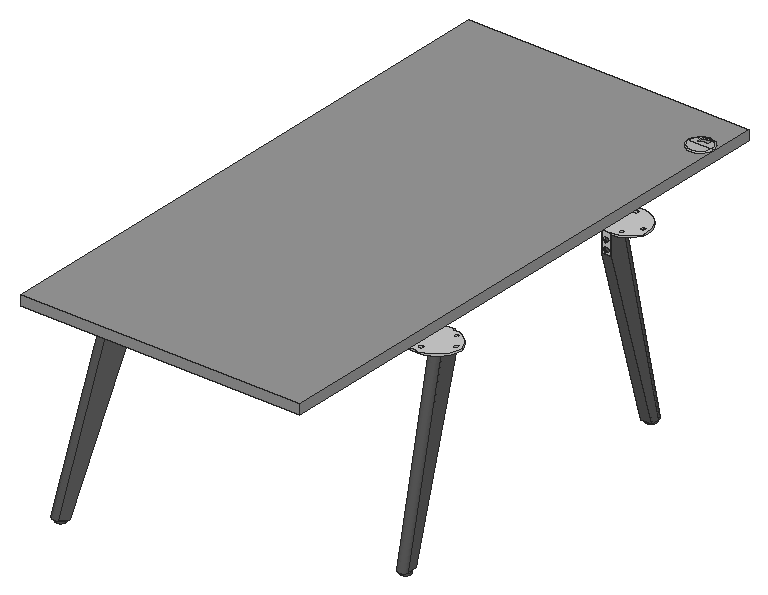
Revit family "Haworth_AWood_Bench_FixedLegs_StartExtension_EU_PRELIMINARY", category Furniture, Revit 2019
Family settings
  OmniClass Number = 23.40.70.14.64.11
  OmniClass Title = Office Furniture
  Work Plane-Based = No
  Always vertical = Yes
  Cut with Voids When Loaded = No
  Shared = No
  Room Calculation Point = No
Parameters (values of type "100 x 200")
  Worksurface Depth = "160, 180, 200cm"  # constant formula
  Worksurface Width = "80, 90, 100cm"  # constant formula
  Warranty = "http://www.haworth.com/resources/product-info/warranties"
  URL - Product = "https://www.haworth.com/eu/en/products/office-desks/a-wood.html?_br_psugg_q=awood"
  Type Comments = ""
  URL = "https://www.haworth.com/eu/en.html"
  Trim Finish = Haworth _ Metal _ Structured White EC
  Tray Depth = Actual Depth - 80 cm  # 120 cm
  Top Finish [instance] = Haworth _ Laminate _ Undecided _ Tables
  Small = no
  Size = "Verify Final Dim.w/ Haworth"  # constant formula
  Round Cable Outlet = yes
  Revision Number = "1"  # constant formula
  No Accessory Kit = not(or(Accessory Kit, Flip Top Cable Outlet, Round Cable Outlet))  # no
  Model = "AWB2LXXXX"  # constant formula
  Medium = not(or(Large, Small))  # no
  Manufacturer = "Haworth"  # constant formula
  Leg Height = Actual Height - 3.5 cm  # 69.5 cm
  Large = yes
  Flip Top Finish = Haworth _ Paint _ Metallic Silver
  Flip Top Cable Outlet = no
  Description = "Haworth - A_Wood - Bench - Fixed Legs - Start Extension"  # constant formula
  Base Finish [instance] = Haworth _ Paint _ Black
  Author = "Haworth (Abd Rahman)"  # constant formula
  Assembly Code = "E2020200"
  Actual Width = 100 cm
  Actual Height = 73 cm  # constant formula
  Actual Depth = if(Small, 160 cm, if(Medium, 180 cm, 200 cm))  # 200 cm
  Accessory Kit = yes
Types (9, lengths in cm): name | Tray Depth | Small | Round Cable Outlet | No Accessory Kit | Medium | Large | Flip Top Cable Outlet | Actual Width | Actual Depth | Accessory Kit
  80 x 160 | 80 | yes | no | yes | no | no | no | 80 | 160 | no
  90 x 160 | 80 | yes | no | yes | no | no | no | 90 | 160 | no
  100 x 160 | 80 | yes | no | yes | no | no | no | 100 | 160 | no
  80 x 180 | 100 | no | no | no | yes | no | yes | 80 | 180 | yes
  90 x 180 | 100 | no | yes | no | yes | no | no | 90 | 180 | yes
  100 x 180 | 100 | no | no | no | yes | no | yes | 100 | 180 | yes
  80 x 200 | 120 | no | yes | no | no | yes | no | 80 | 200 | yes
  90 x 200 | 120 | no | no | no | no | yes | yes | 90 | 200 | yes
  100 x 200 | 120 | no | yes | no | no | yes | no | 100 | 200 | yes
Reference planes (cm)
  plane 1 "Center F/B": y = 17.4526
  plane 2: z = 0
  plane 3 "Center L/R": x = 11.43
  plane 4 "Top": z = 73
  plane 5 "Left": x = -38.57
  plane 6 "Right": x = 61.43
  plane 7 "Back": y = 117.4526
  plane 8 "Front": y = -82.5474
  plane 9: y = 102.4526
  plane 10: y = -67.5474
  plane 11: z = 70.5
  plane 12: z = 69.5
  plane 13: x = -33.57
  plane 14: x = 56.43
  plane 15: y = 52.4526
  plane 16: y = -17.5474
Dimensions and locks (cm)
  "Actual Height": plane 4 "Top" to level
  equal spacing: plane 7 "Back", plane 1 "Center F/B", plane 8 "Front"
  "Actual Depth": plane 7 "Back" to plane 8 "Front"
  equal spacing: plane 5 "Left", plane 3 "Center L/R", plane 6 "Right"
  "Actual Width": plane 5 "Left" to plane 6 "Right"
  plane 4 "Top" to plane 11 to plane 12 = 2.5 cm locked, 1 cm locked
  locked: plane 5 "Left" to plane 13 at 5
  locked: plane 14 to plane 6 "Right" at 5
  locked: plane 8 "Front" to plane 10 at 15
  locked: plane 7 "Back" to plane 9 at 15
  plane 15 to plane 1 "Center F/B" = 35 cm
  locked: plane 16 to plane 1 "Center F/B" at 35
  aligned and locked: nested 1 to plane 10
  aligned and locked: nested 1 to plane 13
  aligned and locked: nested 5 to plane 13
  aligned and locked: nested 5 to plane 9
  aligned and locked: plane 4 "Top" to nested 6
  aligned and locked: plane 3 "Center L/R" to nested 2
  aligned and locked: nested 2 to plane 8 "Front"
  aligned and locked: plane 4 "Top" to nested 7
  aligned and locked: plane 1 "Center F/B" to nested 7
  aligned and locked: nested 7 to plane 14
  aligned and locked: nested 6 to plane 9
  aligned and locked: plane 14 to nested 6
  aligned and locked: nested 3 to plane 6 "Right"
  aligned and locked: nested 4 to plane 6 "Right"
  aligned and locked: plane 15 to nested 4
  aligned and locked: nested 3 to plane 16
Nested families (cm)
  nested 1: "Haworth_A_Wood_SingleLeg_PART" at (26.2444, -17.3543, 0), Leg Finish <- "Base Finish", type "A_Wood Legs - PART"
    with Leg Finish Haworth _ Paint _ Black
  nested 2: "Haworth_A_Wood_Top_Rectangular-PART" at (170.2444, 88.5136, 0), Top Finish <- "Top Finish", type "A_Wood Top Rectangular - PART"
    with Top Finish Haworth _ Laminate _ Undecided _ Tables, Void Depth 0 cm, Scallop no, Rounded Corners no, Actual Width 100 cm, Actual Depth 200 cm
  nested 3: "Haworth_A_Wood_SingleLeg_PART" at (62.8345, 43.0637, 0) x (0.7071, 0.7071, 0) z (0, 0, 1), Leg Finish <- "Base Finish", type "A_Wood Legs - PART"
    with Leg Finish Haworth _ Paint _ Black
  nested 4: "Haworth_A_Wood_SingleLeg_PART" at (63.0255, -8.1584, 0) x (-0.7071, -0.7071, 0) z (0, 0, 1), Leg Finish <- "Base Finish", type "A_Wood Legs - PART"
    with Leg Finish Haworth _ Paint _ Black
  nested 5: "Haworth_A_Wood_SingleLeg_PART" at (26.8731, 52.8883, 0) x (0, -1, 0) z (0, 0, 1), Leg Finish <- "Base Finish", type "A_Wood Legs - PART"
    with Leg Finish Haworth _ Paint _ Black
  nested 6: "Haworth_Grommet-PART" at (72.1159, 131.6626, 20.7768), visible <- "Round Cable Outlet", type "Cable Outlet"
  nested 7: "Haworth-Flip Top" at (48.7967, 16.0039, -7) x (0, 1, 0) z (0, 0, 1), visible <- "Flip Top Cable Outlet", type "Flip Top - Visio"
    with Actual Width 35 cm, Actual Depth 15 cm
Definition of nested family "Haworth_A_Wood_SingleLeg_PART"
  Parameters (values of type "A_Wood Legs - PART")
    Warranty = "https://www.haworth.com/resources/product-info/warranties"
    URL - Product = ""
    Model = "Haworth - A_Wood"  # constant formula
    Metal Finish = none
    Leg Finish [instance] = none
    Description = "Haworth - A_Wood - Legs - PART"  # constant formula
    URL = ""
    Revision Number = "1"  # constant formula
    Manufacturer = "Haworth"  # constant formula
    Author = "Haworth (Abd Rahman)"  # constant formula
    Assembly Code = "E2020200"
    Actual Height = 73 cm  # constant formula
  Reference planes (cm)
    plane 1 "Bottom": z = 0
    plane 2 "Top": z = 73
    plane 3 "Top Bottom": z = 69.5
    plane 4: x = -59.8144
    plane 5: x = -39.3144
    plane 6: y = -39.9431
    plane 7 "Front": y = -60.4431
    plane 8: x = -49.5644
    plane 9: y = -50.1931
  Forms (cm)
    SweptBlend 1, solid, material <- "Leg Finish"
      path origin (-58.7425, -59.2694, 121.92) x (-0.707107, -0.707107, 0) y (0, 0, -1)
        loop
          line (-1.6984, 123.3068) -> (-17.8231, 51.5727)
      profile origin (-57.5416, -58.0684, -1.3868) x (-0.689892, -0.689892, 0.219313) y (0.707107, -0.707107, 0)
        loop
          line (-2.6886, 1.6172) -> (-2.6886, -2.1828) -> (0.0676, -2.1828)
          arc (0.0676, -2.1828) -> (1.9676, -0.2828) -> (0.0676, 1.6172) r 1.9
          line (0.0676, 1.6172) -> (-2.6886, 1.6172)
      end profile origin (-46.1396, -46.6665, 70.3473) x (-0.689892, -0.689892, 0.219313) y (0.707107, -0.707107, 0)
        loop
          line (-7.1321, -2.1828) -> (0, -2.1828)
          arc (0, -2.1828) -> (1.9, -0.2828) -> (0, 1.6172) r 1.9
          line (0, 1.6172) -> (-7.1321, 1.6172) -> (-7.1321, -2.1828)
    Extrusion 2, void
      sketch origin (-58.7425, -59.2694, 121.92) x (-0.707107, -0.707107, 0) y (0, 0, -1)
        loop
          line (-22.8359, 60.9135) -> (-31.3359, 60.9135) -> (-31.3359, 46.4135) -> (-6.8632, 46.4135) -> (-6.8632, 53.0135) -> (-22.8359, 53.0135) -> (-22.8359, 60.9135)
        loop
          line (1.2172, 120.9135) -> (1.2172, 124.4135) -> (-5.7828, 124.4135) -> (-5.7828, 120.9135) -> (1.2172, 120.9135)
      from -2.1828 to 1.6172
    Extrusion 3, solid, material <- "Metal Finish"
      sketch origin (22.515, 0, 0) x (-1, 0, 0) y (0, -1, 0)
        loop
          arc (63.3082, 55.3567) -> (64.353, 43.9204) -> (75.222, 40.2132) r 10.5502
          arc (75.222, 40.2132) -> (77.0947, 53.9447) -> (63.3082, 55.3567) r 9.6395
        loop
          circle (75.5231, 43.1034) r 0.6436
        loop
          circle (69.4207, 42.3367) r 0.5
        loop
          circle (63.9678, 47.7855) r 0.5
        loop
          circle (64.6924, 53.9741) r 0.6849
        loop
          circle (74.6212, 53.0565) r 0.7071
      from 68.9065 to 69.5
    Revolve 4, solid
      sketch origin (-0.1869, -57.1918, 0) x (1, 0, 0) y (0, 0, 1)
        loop
          line (-56.6292, 1.0037) -> (-56.6292, 0) -> (-54.9292, 0) -> (-54.9292, 0.4) -> (-56.0292, 0.4) -> (-56.0292, 1.0037) -> (-56.6292, 1.0037)
        axis (-56.6292, 1.0037) -> (-56.6292, 0)
      angle from 0 to 360
    Extrusion 5, solid, material <- "Metal Finish"
      sketch origin (-25.6346, -85.9201, 0) x (0.707107, -0.707107, 0) y (0, 0, 1)
        loop
          line (-44.0328, 69.5) -> (-44.0328, 62.4065) -> (-41.0328, 62.4065) -> (-41.0328, 69.5) -> (-44.0328, 69.5)
        loop
          circle (-42.5693, 66.9745) r 1
        loop
          circle (-42.5978, 63.7457) r 1
      from -18.4115 to -18.1579
    Extrusion 6, void
      sketch origin (-25.6346, -85.9201, 0) x (0.707107, -0.707107, 0) y (0, 0, 1)
        loop
          circle (-42.5693, 66.9745) r 1
        loop
          circle (-42.5978, 63.7457) r 1
      from -20.0066 to -17.9454
  Cuts and joins
    Extrusion 2, Extrusion 6 cuts SweptBlend 1
    Extrusion 6 cuts Extrusion 5
    joined: Extrusion 3, Extrusion 5
  Lines and regions (cm)
    symbolic lines, detail levels medium+fine
      curve 1: arc (-53.9353, -40.9662, 0) -> (-42.6617, -43.3429, 0) -> (-40.285, -54.6165, 0) r 10.5502
      curve 2: arc (-40.285, -54.6165, 0) -> (-46.2123, -57.5166, 0) -> (-52.6178, -55.9317, 0) r 9.6539
      curve 3: line (-58.7572, -56.6971, 0) -> (-55.2939, -53.2338, 0)
      curve 4: line (-52.6178, -55.9317, 0) -> (-56.0702, -59.3841, 0)
      curve 5: arc (-56.074, -59.3805, 0) -> (-58.786, -59.4129, 0) -> (-58.7536, -56.7008, 0) r 1.8953
      curve 6: arc (-55.2939, -53.2338, 0) -> (-56.8312, -46.8545, 0) -> (-53.9353, -40.9662, 0) r 9.6539
  Dimensions and locks (cm)
    "Actual Height": plane 2 "Top" to level
    plane 2 "Top" to plane 3 "Top Bottom" = 3.5 cm
    equal spacing: plane 4, plane 8, plane 5
    equal spacing: plane 6, plane 9, plane 7 "Front"
    Extrusion 5 sketch curve to cut or joined group of SweptBlend 1, Extrusion 2, Extrusion 6 = 0.3942 cm
    Extrusion 5 sketch curve to Extrusion 5 sketch curve = 3 cm
  Automatic sketch dimensions
    curve 2 to curve 6 = 0 cm  (x2)
    plane 4 to curve 5 = 2.3685 cm
    plane 4 to curve 3 = 4.5204 cm
    curve 4 to plane 8 = 3.0535 cm
    curve 1 to plane 8 = 0.5574 cm
    plane 8 to curve 6 = 2.3284 cm
    curve 5 to plane 7 "Front" = 2.3704 cm
    curve 4 to plane 7 "Front" = 4.5114 cm
    curve 3 to plane 9 = 3.0407 cm
    curve 1 to plane 9 = 0.6099 cm
    curve 1 to curve 6 = 2.8858 cm
    plane 4 to curve 5 = 1.0607 cm
    curve 3 to curve 5 = 0.0036 cm
    curve 5 to curve 5 = 1.3718 cm
    curve 4 to plane 7 "Front" = 1.059 cm
    curve 5 to curve 4 = 0.0038 cm
    curve 1 to plane 6 = 1.0231 cm
    curve 4 to curve 5 = 0.0036 cm
    curve 5 to curve 3 = 0.0038 cm
    plane 3 "Top Bottom" to SweptBlend 1 sketch curve = 0.8473 cm
    SweptBlend 1 sketch curve to level = 1.3868 cm
    SweptBlend 1 sketch curve to SweptBlend 1 sketch curve = 16.1248 cm
    profile plane to SweptBlend 1 sketch curve = 1.6172 cm
    profile plane to SweptBlend 1 sketch curve = 2.6886 cm
    SweptBlend 1 sketch curve to profile plane = 0.0676 cm
    SweptBlend 1 sketch curve to profile plane = 0.2828 cm  (x2)
    SweptBlend 1 sketch curve to profile plane = 0 cm
    SweptBlend 1 sketch curve to profile plane = 2.1828 cm
    SweptBlend 1 sketch curve to SweptBlend 1 sketch curve = 7.1321 cm
    Extrusion 2 sketch curve to plane 3 "Top Bottom" = 8.4935 cm
    Extrusion 2 sketch curve to Extrusion 2 sketch curve = 8.5 cm
    Extrusion 2 sketch curve to plane 3 "Top Bottom" = 0.5935 cm
    Extrusion 2 sketch curve to Extrusion 2 sketch curve = 15.9727 cm
    level to Extrusion 2 sketch curve = 1.0065 cm
    Extrusion 2 sketch curve to Extrusion 2 sketch curve = 17.0531 cm
    Extrusion 2 sketch curve to level = 2.4935 cm
    Extrusion 2 sketch curve to Extrusion 2 sketch curve = 7 cm
    plane 2 "Top" to Extrusion 2 sketch curve = 2.5065 cm
    plane 5 to Extrusion 3 sketch curve = 2.1385 cm
    plane 5 to Extrusion 3 sketch curve = 2.8631 cm
    Extrusion 3 sketch curve to plane 8 = 2.6586 cm
    Extrusion 3 sketch curve to plane 8 = 2.5606 cm
    plane 8 to Extrusion 3 sketch curve = 0.5653 cm
    plane 8 to Extrusion 3 sketch curve = 2.5418 cm
    plane 8 to Extrusion 3 sketch curve = 3.4437 cm
    plane 9 to Extrusion 3 sketch curve = 3.781 cm
    plane 9 to Extrusion 3 sketch curve = 2.8634 cm
    plane 9 to Extrusion 3 sketch curve = 0.2507 cm
    Extrusion 3 sketch curve to Extrusion 3 sketch curve = 2.4593 cm
    Extrusion 3 sketch curve to plane 9 = 2.4076 cm
    plane 6 to Extrusion 3 sketch curve = 3.1604 cm
    plane 6 to Extrusion 3 sketch curve = 2.3936 cm
    plane 5 to Extrusion 3 sketch curve = 1.4789 cm
    plane 6 to Extrusion 3 sketch curve = 0.2702 cm
    Revolve 4 sketch curve to level = 0 cm
    level to Revolve 4 sketch curve = 1.0037 cm
    plane 4 to Revolve 4 sketch curve = 2.9983 cm
    Revolve 4 sketch curve to Revolve 4 sketch curve = 0.6 cm
    Revolve 4 sketch curve to Revolve 4 sketch curve = 1.1 cm
    Revolve 4 sketch curve to Revolve 4 sketch curve = 0.4 cm
    Revolve 4 sketch curve to Revolve 4 sketch curve = 0 cm  (x2)
    Revolve 4 sketch curve to level = 0.0502 cm
    Extrusion 5 sketch curve to Extrusion 5 sketch curve = 1.435 cm
    Extrusion 5 sketch curve to Extrusion 5 sketch curve = 1.4634 cm
    Extrusion 5 sketch curve to plane 3 "Top Bottom" = 7.0935 cm
    Extrusion 5 sketch curve to Extrusion 5 sketch curve = 1.3391 cm
    Extrusion 5 sketch curve to plane 3 "Top Bottom" = 2.5255 cm
    Extrusion 5 sketch curve to plane 3 "Top Bottom" = 0 cm
    Extrusion 6 sketch curve to Extrusion 6 sketch curve = 3.2289 cm
    Extrusion 6 sketch curve to plane 3 "Top Bottom" = 5.7543 cm
    Extrusion 6 sketch curve to Extrusion 6 sketch curve = 0.0285 cm
    radius of Extrusion 3 sketch curve = 0.6436 cm
    radius of Extrusion 3 sketch curve = 0.5 cm  (x2)
    radius of Extrusion 3 sketch curve = 0.6849 cm
    radius of Extrusion 3 sketch curve = 0.7071 cm
    radius of Extrusion 5 sketch curve = 1 cm  (x2)
    radius of Extrusion 6 sketch curve = 1 cm  (x2)
Definition of nested family "Haworth_A_Wood_Top_Rectangular-PART"
  Parameters (values of type "A_Wood Top Rectangular - PART")
    Warranty = "https://www.haworth.com/resources/product-info/warranties"
    Void Depth = 15 cm
    URL - Product = ""
    Top Finish [instance] = none
    Thickness = 3.5 cm
    Squared Corners = yes
    Scallop = yes
    Rounded Corners = yes
    Rectangle = no
    Model = "Haworth - A_Wood"  # constant formula
    Description = "Haworth - A_Wood - Rectangular - Top - PART"  # constant formula
    URL = ""
    Revision Number = "1"  # constant formula
    Manufacturer = "Haworth"  # constant formula
    Author = "Haworth (Abd Rahman)"  # constant formula
    Assembly Code = "E2020200"
    Actual Width = 120 cm
    Actual Depth = 100 cm
  Reference planes (cm)
    plane 1 "Bottom": z = 0
    plane 2 "Top": z = 73
    plane 3 "Top Bottom": z = 69.5
    plane 4: x = -218.8144
    plane 5 "Right": x = -98.8144
    plane 6: y = -21.0609
    plane 7 "Front": y = -121.0609
    plane 8: x = -158.8144
    plane 9: y = -71.0609
    plane 10: y = -36.0609
    plane 11: x = -194.8144
    plane 12: x = -122.8144
  Forms (cm)
    Extrusion 1, solid, material <- "Top Finish", visible <- "Squared Corners"
      sketch origin (0, 0, 0) x (1, 0, 0) y (0, 1, 0)
        loop
          line (-218.8144, -21.0609) -> (-218.8144, -121.0609) -> (-98.8144, -121.0609) -> (-98.8144, -21.0609) -> (-218.8144, -21.0609)
      from 69.5 to 73
    Extrusion 2, solid, material <- "Top Finish", visible <- "Rounded Corners"
      sketch origin (0, 0, 0) x (1, 0, 0) y (0, 1, 0)
        loop
          arc (-214.8144, -21.0609) -> (-217.6428, -22.2325) -> (-218.8144, -25.0609) r 4
          line (-218.8144, -25.0609) -> (-218.8144, -117.0609)
          arc (-218.8144, -117.0609) -> (-217.6428, -119.8893) -> (-214.8144, -121.0609) r 4
          line (-214.8144, -121.0609) -> (-102.8144, -121.0609)
          arc (-102.8144, -121.0609) -> (-99.9859, -119.8893) -> (-98.8144, -117.0609) r 4
          line (-98.8144, -117.0609) -> (-98.8144, -25.0609)
          arc (-98.8144, -25.0609) -> (-99.9859, -22.2325) -> (-102.8144, -21.0609) r 4
          line (-102.8144, -21.0609) -> (-214.8144, -21.0609)
      from 69.5 to 73
    Extrusion 3, void
      sketch origin (0, 0, 0) x (1, 0, 0) y (0, 1, 0)
        loop
          line (-194.8144, -21.0609) -> (-189.1575, -36.0609) -> (-128.4712, -36.0609) -> (-122.8144, -21.0609) -> (-194.8144, -21.0609)
      from 0 to 182.4895
  Cuts and joins
    Extrusion 3 cuts Extrusion 2
    Extrusion 3 cuts Extrusion 1
  Lines and regions (cm)
    Masking region 1, visible <- "Squared Corners"
      outline origin (0, 0, 0) x (1, 0, 0) y (0, 1, 0)
        loop
          line (-218.8144, -21.0609) -> (-218.8144, -121.0609) -> (-98.8144, -121.0609) -> (-98.8144, -21.0609) -> (-218.8144, -21.0609)
    Masking region 2
      outline origin (0, -0.1905, 0) x (1, 0, 0) y (0, 1, 0)
        loop
          arc (-215.1194, -20.8704) -> (-217.7534, -22.199) -> (-218.8144, -24.9517) r 4.1015
          line (-218.8144, -24.9517) -> (-218.8144, -117.0498)
          arc (-218.8144, -117.0498) -> (-217.6953, -119.7514) -> (-214.9938, -120.8704) r 3.8205
          line (-214.9938, -120.8704) -> (-102.6349, -120.8704)
          arc (-102.6349, -120.8704) -> (-99.9334, -119.7514) -> (-98.8144, -117.0498) r 3.8205
          line (-98.8144, -117.0498) -> (-98.8144, -24.9517)
          arc (-98.8144, -24.9517) -> (-99.8753, -22.199) -> (-102.5093, -20.8704) r 4.1015
          line (-102.5093, -20.8704) -> (-215.1194, -20.8704)
  Dimensions and locks (cm)
    equal spacing: plane 4, plane 8, plane 5 "Right"
    equal spacing: plane 6, plane 9, plane 7 "Front"
    "Actual Depth": plane 7 "Front" to plane 6
    "Actual Width": plane 4 to plane 5 "Right"
    plane 2 "Top" to plane 3 "Top Bottom" = 3.5 cm  (x2)
    "Thickness": plane 2 "Top" to plane 3 "Top Bottom"
    locked: plane 4 to plane 11 at 24
    locked: plane 12 to plane 5 "Right" at 24
    "Void Depth": plane 10 to plane 6
    aligned and locked: Extrusion 1 sketch curve to plane 5 "Right"
    aligned and locked: Extrusion 1 sketch curve to plane 6
    aligned and locked: plane 4 to Extrusion 1 sketch curve
    aligned and locked: Extrusion 1 sketch curve to plane 7 "Front"
    aligned and locked: plane 2 "Top" to Extrusion 1
    aligned and locked: Extrusion 1 to plane 3 "Top Bottom"
    aligned and locked: Masking region 1 sketch curve to plane 5 "Right"
    aligned and locked: Masking region 1 sketch curve to plane 6
    aligned and locked: plane 4 to Masking region 1 sketch curve
    aligned and locked: Masking region 1 sketch curve to plane 7 "Front"
    aligned and locked: plane 6 to Masking region 2
    aligned and locked: plane 5 "Right" to Masking region 2
    aligned and locked: plane 7 "Front" to Extrusion 2
    aligned and locked: plane 7 "Front" to Masking region 2
    aligned and locked: Masking region 2 to plane 4
    aligned and locked: plane 10 to Extrusion 3 sketch curve
    aligned and locked: plane 6 to Extrusion 3 sketch curve
  Automatic sketch dimensions
    Extrusion 2 sketch curve to plane 4 = 0 cm
    plane 7 "Front" to Extrusion 2 sketch curve = 0 cm
    Extrusion 2 sketch curve to plane 6 = 0 cm
    Extrusion 2 sketch curve to plane 5 "Right" = 0 cm
    plane 4 to Extrusion 2 sketch curve = 4 cm  (x2)
    Extrusion 2 sketch curve to plane 5 "Right" = 4 cm  (x2)
    plane 4 to Masking region 2 sketch curve = 0 cm
    Masking region 2 sketch curve to plane 7 "Front" = 0 cm
    Masking region 2 sketch curve to plane 5 "Right" = 0 cm
    Masking region 2 sketch curve to plane 6 = 0 cm
    plane 4 to Masking region 2 sketch curve = 3.6949 cm
    Masking region 2 sketch curve to Masking region 2 sketch curve = 4.1015 cm
    Masking region 2 sketch curve to Masking region 2 sketch curve = 3.8205 cm
    Masking region 2 sketch curve to plane 5 "Right" = 3.8205 cm
    Masking region 2 sketch curve to plane 5 "Right" = 4.1015 cm
    Masking region 2 sketch curve to plane 5 "Right" = 3.6949 cm
    Extrusion 3 sketch curve to plane 11 = 0 cm  (x2)
    Extrusion 3 sketch curve to plane 6 = 0 cm  (x2)
    Extrusion 3 sketch curve to plane 12 = 0 cm  (x2)
    Extrusion 3 sketch curve to plane 11 = 5.6569 cm
    plane 12 to Extrusion 3 sketch curve = 5.6569 cm
Definition of nested family "Haworth_Grommet-PART"
  Parameters (values of type "Cable Outlet")
    Warranty = "http://www.haworth.com/resources/product-info/warranties"
    Vertical = no
    URL = "www.haworth.com"
    Trim Finish = none
    Size = "Verify Final Dim. w/ Haworth"  # constant formula
    Revision Number = "1"  # constant formula
    Model = "X742"  # constant formula
    Manufacturer = "Haworth"  # constant formula
    Horizontal = yes
    Description = "Haworth - Cable Outlet - 25mm"  # constant formula
    Author = "Haworth (Abd Rahman)"  # constant formula
    Assembly Code = "E2020200"
    Actual Width = 9 cm  # constant formula
    Actual Height = 0.2 cm  # constant formula
    Actual Depth = 9 cm  # constant formula
  Reference planes (cm)
    plane 1: z = 52.2232
    plane 2 "Center L/R": x = -15.6859
    plane 3 "Center F/B": y = -29.21
    plane 4 "Top": z = 52.4232
    plane 5 "Back": y = -24.71
    plane 6 "Front": y = -33.71
    plane 7 "Right": x = -11.1859
    plane 8 "Left": x = -20.1859
    plane 9: x = -15.505
  Forms (cm)
    Revolve 1, solid, material <- "Trim Finish", visible <- "Vertical"
      sketch origin (-67.9273, -29.21, 36.6305) x (0, 0, 1) y (1, 0, 0)
        loop
          line (15.6859, 52.4223) -> (11.5684, 52.4223)
          arc (11.5684, 52.4223) -> (11.398, 52.3576) -> (11.2576, 52.2414) r 0.557
          line (11.2576, 52.2414) -> (15.6859, 52.2414) -> (15.6859, 52.4223)
        axis (15.6859, 52.4223) -> (15.6859, 52.2414)
      angle from 0 to 360
    Extrusion 2, void
      sketch origin (-67.9273, 0.0749, 36.6305) x (0, 0, -1) y (0, 1, 0)
        loop
          line (-17.5569, -26.0506) -> (-17.3333, -28.1782)
          arc (-17.3333, -28.1782) -> (-17.1796, -28.323) -> (-16.9822, -28.2479) r 0.1989
          arc (-16.9822, -28.2479) -> (-16.9186, -28.1652) -> (-16.8471, -28.0891) r 1.0616
          arc (-16.8471, -28.0891) -> (-16.3186, -27.7135) -> (-15.6859, -27.5721) r 1.6402
          arc (-15.6859, -27.5721) -> (-15.1781, -27.6415) -> (-14.7164, -27.8643) r 1.6402
          arc (-14.7164, -27.8643) -> (-14.5025, -27.8909) -> (-14.3853, -27.7099) r 0.203
          line (-14.3853, -27.7099) -> (-14.1679, -25.8137)
          arc (-14.1679, -25.8137) -> (-15.8906, -25.5293) -> (-17.5569, -26.0506) r 3.7744
      from 0 to 71.12
    Revolve 3, solid, material <- "Trim Finish", visible <- "Horizontal"
      sketch origin (-0.0331, -29.3081, 0.0151) x (-1, 0, 0) y (0, 0, 1)
        loop
          line (15.6859, 52.408) -> (11.5287, 52.408)
          arc (11.5287, 52.408) -> (11.3569, 52.3343) -> (11.219, 52.208) r 0.5592
          line (11.219, 52.208) -> (15.6859, 52.208) -> (15.6859, 52.408)
        axis (15.6859, 52.408) -> (15.6859, 52.208)
      angle from 0 to 360
    Extrusion 4, void
      sketch origin (-0.0331, -0.0232, 0.0151) x (1, 0, 0) y (0, 1, 0)
        loop
          line (-17.5569, -26.0506) -> (-17.3333, -28.1782)
          arc (-17.3333, -28.1782) -> (-17.1796, -28.323) -> (-16.9822, -28.2479) r 0.1989
          arc (-16.9822, -28.2479) -> (-16.9186, -28.1652) -> (-16.8471, -28.0891) r 1.0616
          arc (-16.8471, -28.0891) -> (-16.3186, -27.7135) -> (-15.6859, -27.5721) r 1.6402
          arc (-15.6859, -27.5721) -> (-15.1781, -27.6415) -> (-14.7164, -27.8643) r 1.6402
          arc (-14.7164, -27.8643) -> (-14.5025, -27.8909) -> (-14.3853, -27.7099) r 0.203
          line (-14.3853, -27.7099) -> (-14.1679, -25.8137)
          arc (-14.1679, -25.8137) -> (-15.8906, -25.5293) -> (-17.5569, -26.0506) r 3.7744
      from 0 to 71.12
  Cuts and joins
    Extrusion 2 cuts Revolve 1
    Extrusion 4 cuts Revolve 3
  Lines and regions (cm)
    Masking region 1
      outline origin (0, 0, 0) x (1, 0, 0) y (0, 1, 0)
        loop
          circle (-15.6859, -29.2849) r 4.4363
        loop
          circle (-15.6859, -29.2849) r 4.0899
        loop
          line (-14.3853, -27.7099) -> (-14.1679, -25.8137)
          arc (-14.1679, -25.8137) -> (-15.8906, -25.5293) -> (-17.5569, -26.0506) r 3.7744
          line (-17.5569, -26.0506) -> (-17.3333, -28.1782)
          arc (-17.3333, -28.1782) -> (-17.1796, -28.323) -> (-16.9822, -28.2479) r 0.1989
          arc (-16.9822, -28.2479) -> (-16.9186, -28.1652) -> (-16.8471, -28.0891) r 1.0616
          arc (-16.8471, -28.0891) -> (-16.3186, -27.7135) -> (-15.6859, -27.5721) r 1.6402
          arc (-15.6859, -27.5721) -> (-15.1781, -27.6415) -> (-14.7164, -27.8643) r 1.6402
          arc (-14.7164, -27.8643) -> (-14.5025, -27.8909) -> (-14.3853, -27.7099) r 0.203
  Dimensions and locks (cm)
    equal spacing: plane 8 "Left", plane 2 "Center L/R", plane 7 "Right"
    "Actual Width": plane 8 "Left" to plane 7 "Right"
    equal spacing: plane 5 "Back", plane 3 "Center F/B", plane 6 "Front"
    "Actual Depth": plane 5 "Back" to plane 6 "Front"
    "Actual Height": plane 4 "Top" to plane 1
    aligned and locked: plane 3 "Center F/B" to cut or joined group of Revolve 1, Extrusion 2  (x2)
    aligned and locked: cut or joined group of Revolve 3, Extrusion 4 to plane 4 "Top"
    aligned and locked: cut or joined group of Revolve 3, Extrusion 4 to plane 1
    aligned and locked: cut or joined group of Revolve 1, Extrusion 2 to plane 2 "Center L/R"
    aligned and locked: plane 9 to cut or joined group of Revolve 1, Extrusion 2
  Automatic sketch dimensions
    Revolve 1 sketch curve to plane 1 = 4.335 cm
    Revolve 1 sketch curve to Revolve 1 sketch curve = 0.3107 cm
    Revolve 1 sketch curve to Revolve 1 sketch curve = 0.1099 cm
    Revolve 1 sketch curve to Revolve 1 sketch curve = 4.0077 cm
    Revolve 1 sketch curve to plane 7 "Right" = 4.8651 cm
    Revolve 1 sketch curve to Revolve 1 sketch curve = 0.3651 cm
    Revolve 1 sketch curve to Revolve 1 sketch curve = 0 cm  (x2)
    Revolve 1 sketch curve to Revolve 1 sketch curve = 0.0195 cm
    Extrusion 2 sketch curve to Extrusion 2 sketch curve = 0 cm  (x2)
    plane 1 to Extrusion 2 sketch curve = 1.9643 cm
    Extrusion 2 sketch curve to Extrusion 2 sketch curve = 0.4161 cm
    Extrusion 2 sketch curve to Extrusion 2 sketch curve = 1.0307 cm
    Extrusion 2 sketch curve to Extrusion 2 sketch curve = 0.4587 cm
    Extrusion 2 sketch curve to Extrusion 2 sketch curve = 0.0242 cm
    Extrusion 2 sketch curve to Extrusion 2 sketch curve = 1.0632 cm
    Extrusion 2 sketch curve to Extrusion 2 sketch curve = 0.203 cm
    Extrusion 2 sketch curve to Extrusion 2 sketch curve = 0.2174 cm
    Extrusion 2 sketch curve to plane 5 "Back" = 4.5096 cm
    Extrusion 2 sketch curve to Extrusion 2 sketch curve = 0.0825 cm
    Extrusion 2 sketch curve to Extrusion 2 sketch curve = 0.3588 cm
    Extrusion 2 sketch curve to Extrusion 2 sketch curve = 0.7253 cm
    Extrusion 2 sketch curve to Extrusion 2 sketch curve = 1.502 cm
    Extrusion 2 sketch curve to Extrusion 2 sketch curve = 0.0031 cm
    Extrusion 2 sketch curve to Extrusion 2 sketch curve = 2.0772 cm
    Extrusion 2 sketch curve to Extrusion 2 sketch curve = 0.1925 cm
    Extrusion 2 sketch curve to Extrusion 2 sketch curve = 0.1586 cm
    Extrusion 2 sketch curve to Extrusion 2 sketch curve = 0.1352 cm
    Extrusion 2 sketch curve to Extrusion 2 sketch curve = 1.0976 cm
    Extrusion 2 sketch curve to Extrusion 2 sketch curve = 0.1281 cm
    Masking region 1 sketch curve to Masking region 1 sketch curve = 0 cm  (x4)
    Masking region 1 sketch curve to plane 2 "Center L/R" = 0 cm  (x2)
    Masking region 1 sketch curve to plane 2 "Center L/R" = 0.4242 cm
    Masking region 1 sketch curve to Masking region 1 sketch curve = 1.0307 cm
    Masking region 1 sketch curve to plane 3 "Center F/B" = 1.0318 cm
    Masking region 1 sketch curve to Masking region 1 sketch curve = 0.1925 cm
    Masking region 1 sketch curve to plane 2 "Center L/R" = 1.871 cm
    plane 3 "Center F/B" to Masking region 1 sketch curve = 0.002 cm
    plane 2 "Center L/R" to Masking region 1 sketch curve = 0.0345 cm
    plane 2 "Center L/R" to Masking region 1 sketch curve = 0.0586 cm
    plane 2 "Center L/R" to Masking region 1 sketch curve = 1.0976 cm
    Masking region 1 sketch curve to Masking region 1 sketch curve = 0.203 cm
    plane 2 "Center L/R" to Masking region 1 sketch curve = 1.518 cm
    plane 3 "Center F/B" to Masking region 1 sketch curve = 0.0749 cm
    Masking region 1 sketch curve to Masking region 1 sketch curve = 0.0096 cm
    Masking region 1 sketch curve to plane 3 "Center F/B" = 0.3569 cm
    Masking region 1 sketch curve to Masking region 1 sketch curve = 0.0504 cm
    Masking region 1 sketch curve to plane 3 "Center F/B" = 1.5001 cm
    Masking region 1 sketch curve to Masking region 1 sketch curve = 0.0031 cm
    Masking region 1 sketch curve to plane 5 "Back" = 1.3406 cm
    Masking region 1 sketch curve to Masking region 1 sketch curve = 0.2938 cm
    Masking region 1 sketch curve to Masking region 1 sketch curve = 0.1586 cm
    Revolve 3 sketch curve to plane 7 "Right" = 0.0663 cm
    Revolve 3 sketch curve to Revolve 3 sketch curve = 0.3096 cm
    Revolve 3 sketch curve to Revolve 3 sketch curve = 0.1316 cm
    Revolve 3 sketch curve to Revolve 3 sketch curve = 4.0256 cm
    Revolve 3 sketch curve to plane 4 "Top" = 0.5434 cm
    Revolve 3 sketch curve to Revolve 3 sketch curve = 0.3434 cm
    Revolve 3 sketch curve to Revolve 3 sketch curve = 0 cm
    Revolve 3 sketch curve to Revolve 3 sketch curve = 0.0151 cm  (x2)
    Extrusion 4 sketch curve to Extrusion 4 sketch curve = 0 cm  (x2)
    Extrusion 4 sketch curve to plane 7 "Right" = 6.4042 cm
    Extrusion 4 sketch curve to Extrusion 4 sketch curve = 0.4161 cm
    Extrusion 4 sketch curve to Extrusion 4 sketch curve = 1.0307 cm
    Extrusion 4 sketch curve to Extrusion 4 sketch curve = 0.4587 cm
    Extrusion 4 sketch curve to Extrusion 4 sketch curve = 0.0242 cm
    Extrusion 4 sketch curve to Extrusion 4 sketch curve = 1.0632 cm
    Extrusion 4 sketch curve to Extrusion 4 sketch curve = 0.203 cm
    Extrusion 4 sketch curve to Extrusion 4 sketch curve = 0.2174 cm
    Extrusion 4 sketch curve to plane 5 "Back" = 4.6077 cm
    Extrusion 4 sketch curve to Extrusion 4 sketch curve = 0.0825 cm
    Extrusion 4 sketch curve to Extrusion 4 sketch curve = 0.3588 cm
    Extrusion 4 sketch curve to Extrusion 4 sketch curve = 0.7253 cm
    Extrusion 4 sketch curve to Extrusion 4 sketch curve = 1.502 cm
    Extrusion 4 sketch curve to Extrusion 4 sketch curve = 0.0031 cm
    Extrusion 4 sketch curve to Extrusion 4 sketch curve = 2.0772 cm
    Extrusion 4 sketch curve to Extrusion 4 sketch curve = 0.1925 cm
    Extrusion 4 sketch curve to Extrusion 4 sketch curve = 0.1586 cm
    Extrusion 4 sketch curve to Extrusion 4 sketch curve = 0.1352 cm
    Extrusion 4 sketch curve to Extrusion 4 sketch curve = 1.0976 cm
    Extrusion 4 sketch curve to Extrusion 4 sketch curve = 0.1281 cm
    radius of Masking region 1 sketch curve = 4.4363 cm
    radius of Masking region 1 sketch curve = 4.0899 cm
Definition of nested family "Haworth-Flip Top"
  Parameters (values of type "Flip Top - Visio")
    Warranty = ""
    URL - Product = ""
    URL = ""
    Sustainability Info = ""
    Size = "Verify Final Dim. w/ Haworth"  # constant formula
    Single Sided = no
    Single Sided Wide = yes
    Revision Number = ""
    OmniClass Number = ""
    Material Options = ""
    Manufacturer = "Haworth"  # constant formula
    LEED Data = ""
    Flip Top Height = 2.5 cm
    Flip Top Finish = none
    Double Sided = no
    Double Sided Wide = no
    Author = "SHAPE Environments, LLC"  # constant formula
    Assembly Code = ""
    Actual Width = 20 cm
    Actual Height = 80 cm
    Actual Depth = 11 cm
  Reference planes (cm)
    plane 1 "Center F/B": y = 0.1333
    plane 2: z = 0
    plane 3 "Center L/R": x = 1.4487
    plane 4 "Back": y = 5.6333
    plane 5 "Right": x = 11.4487
    plane 6 "Front": y = -5.3667
    plane 7 "Left": x = -8.5513
    plane 8 "Table Height": z = 80
    plane 9: z = 77.5
  Forms (cm)
    Extrusion 1, solid, material <- "Flip Top Finish"
      sketch origin (0, 0, 80) x (-1, 0, 0) y (0, -1, 0)
        loop
          line (8.5513, -5.6333) -> (8.5513, 5.3667) -> (-11.4487, 5.3667) -> (-11.4487, -5.6333) -> (8.5513, -5.6333)
      from 0 to 0.3175
    Extrusion 2, solid, material <- "Flip Top Finish"
      sketch origin (0, 0, 80) x (-1, 0, 0) y (0, -1, 0)
        loop
          line (8.2338, -5.1571) -> (8.2338, 4.8904) -> (-11.1312, 4.8904) -> (-11.1312, -5.1571) -> (8.2338, -5.1571)
      from 0 to -2.5
  Cuts and joins
    joined: Extrusion 1, Extrusion 2
  Lines and regions (cm)
    symbolic lines
      curve 1: line (-8.5513, 5.6333, 80) -> (11.4487, 5.6333, 80)
      curve 2: line (-8.5513, -5.3667, 80) -> (-8.5513, 5.6333, 80)
      curve 3: line (11.4487, -5.3667, 80) -> (-8.5513, -5.3667, 80)
      curve 4: line (11.4487, 5.6333, 80) -> (11.4487, -5.3667, 80)
  Dimensions and locks (cm)
    equal spacing: plane 7 "Left", plane 3 "Center L/R", plane 5 "Right"
    "Actual Width": plane 7 "Left" to plane 5 "Right"
    equal spacing: plane 6 "Front", plane 1 "Center F/B", plane 4 "Back"
    "Actual Depth": plane 4 "Back" to plane 6 "Front"
    plane 7 "Left" to Extrusion 2 sketch curve = 0.3175 cm
    plane 4 "Back" to Extrusion 2 sketch curve = 0.4762 cm
    Extrusion 2 sketch curve to plane 5 "Right" = 0.3175 cm
    Extrusion 2 sketch curve to plane 6 "Front" = 0.4763 cm
    "Actual Height": plane 8 "Table Height" to level
    "Flip Top Height": plane 8 "Table Height" to plane 9
    aligned and locked: plane 7 "Left" to Extrusion 1 sketch curve
    aligned and locked: Extrusion 1 sketch curve to plane 4 "Back"
    aligned and locked: plane 6 "Front" to Extrusion 1 sketch curve
    aligned and locked: Extrusion 1 sketch curve to plane 5 "Right"
    aligned and locked: plane 9 to cut or joined group of Extrusion 1, Extrusion 2
  Automatic sketch dimensions
    curve 4 to plane 5 "Right" = 0 cm
    curve 2 to plane 4 "Back" = 0 cm
    curve 2 to plane 7 "Left" = 0 cm
    curve 4 to plane 6 "Front" = 0 cm
